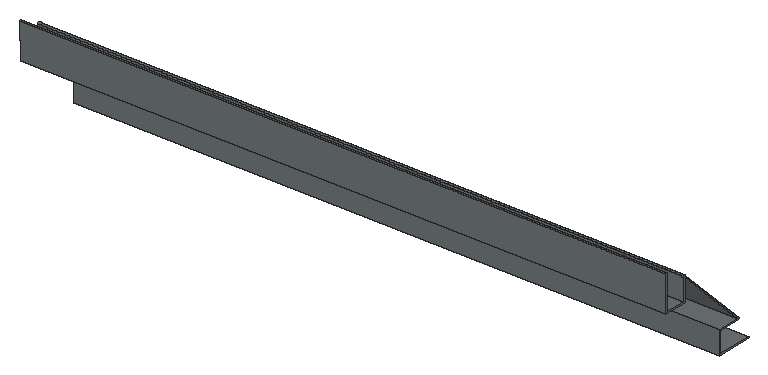
Revit family "BIMLIB_ПланкаУглаВнутреннегоСложного_GRANDLINE", category Обобщенные модели, Revit 2017
Family settings
  Может служить основой для арматурных стержней = Нет
  Размер круглого соединителя = Использовать диаметр
  Тип детали = Нормальный
  При загрузке вырезать с полостями = Нет
  Общий = Нет
  Точка расчета площади = Нет
Parameters (values of type "Угол внутреннний сложный")
  Смещение от плоскости [instance] = 0 mm
  Описание = ADSK_Наименование  # "Угол внутреннний сложный 75мм"
  Изготовитель = "Grand Line"  # constant formula
  built-in parameter 1001306 [instance] = 500 mm
  Watermark [instance] = "Модели защищены уникальным кодом"
  URL = "https://www.grandline.ru"
  BL_Разработано = "support@bimlib.pro"
  BL_Email = "info@grandline.ru"
  BL_BIM library = "https://bimlib.pro/manufacturer/company/22430"
  ADSK_Размер_Длина [instance] = [built-in parameter 1001306]  # 500 mm
  ADSK_Обозначение = "ГОСТ 19904-90, ГОСТ 14918-80"
  ADSK_Наименование = "Угол внутреннний сложный 75мм"
  ADSK_Материал тип подсчета = 1  # constant formula
  ADSK_Материал = GL_Drap_RAL7016
  ADSK_Масса_Текст [instance] = ""
  ADSK_Масса [instance] = 0
  ADSK_Марка = ""
  ADSK_Количество [instance] = if(ADSK_Материал тип подсчета = 0, 1, if(ADSK_Материал тип подсчета = 1, ADSK_Размер_Длина / 1000 mm, 0))  # 0.5
  ADSK_Код изделия = "M011.059"  # constant formula
  ADSK_Завод-изготовитель = "Grand Line"  # constant formula
  ADSK_Единица измерения = "м"  # constant formula
  ADSK_Группирование = "Доборные элементы"  # constant formula
  ADSK_Версия Revit = "2017"  # constant formula
  ADSK_URL страницы изделия = "https://www.grandline.ru/ugol-vnutrenniy-slozhnyy-75kh75-0-4-pe-foil-ral-3005-79532.html"
  ADSK_URL документации изделия = "https://www.grandline.ru/uploads/files/chertezhi_vse/dobornye_elementy/de_saiyding_fasad/Ugol-vnutrennij-sloznyj-75-mm.jpg"
Reference planes
  plane 1 "По центру (Вперед/Назад)": y = 0
  plane 2: z = 0
  plane 3 "Слева": x = 0
  plane 4 "Справа": x = 500
Forms (mm)
  Sweep 1, solid, material "GL_Drap_RAL7016" <- "ADSK_Материал"
    path in 3D
      loop
        line (0, 0, 0) -> (500, 0, 0)
    profile "Профиль_ПланкаУглаВнутреннегоСложного : Профиль" origin (250, 0, 0) x (0, 1, 0) y (0, 0, 1)
      loop
        line (70.455, 18.447) -> (18.447, 70.455)
        arc (18.447, 70.455) -> (17.651, 70.613) -> (17.2, 69.938) r 0.731
        line (17.2, 69.938) -> (17.2, 52.703) -> (0.8, 52.703) -> (0.8, 79.903) -> (0, 79.903) -> (0, 51.903) -> (18, 51.903) -> (18, 69.771) -> (69.771, 18) -> (51.903, 18) -> (51.903, 0) -> (79.903, 0) -> (79.903, 0.8) -> (52.703, 0.8) -> (52.703, 17.2) -> (69.938, 17.2)
        arc (69.938, 17.2) -> (70.613, 17.651) -> (70.455, 18.447) r 0.731
Lines and regions (mm)
  reference lines
    curve 1: line (0, 0, 0) -> (500, 0, 0)
  sketch lines
    curve 2: line (0, 0, 0) -> (500, 0, 0)
Dimensions and locks
  "built-in parameter 1001306": plane 3 "Слева" to plane 4 "Справа"
  aligned and locked: plane 4 "Справа" to curve 1
  aligned and locked: plane 1 "По центру (Вперед/Назад)" to curve 1
  aligned and locked: plane 3 "Слева" to curve 1
  aligned and locked: level to plane 2
